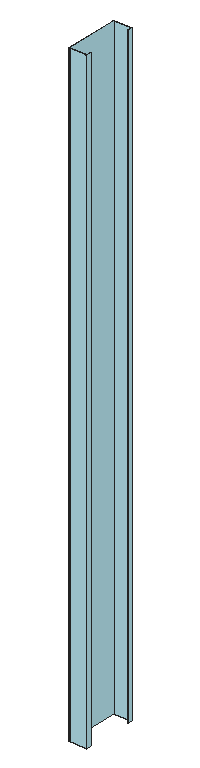
Revit family "90補強材", category 機械設備, Revit 2020
Family settings
  丸型コネクタ寸法 = 直径を使用
  種別 = なし
  パーツ タイプ = 標準
  作業面ベース = いいえ
  常に垂直 = はい
  ロード時にボイドで切り取り = いいえ
  共有 = いいえ
  部屋計算ポイント = いいえ
Parameters
  製造元 = "株式会社桐井製作所"
  既定の高さ = 0 mm
  URL = "https://www.kirii.co.jp/"
  K_長さ(mm) [instance] = 1000 mm
  K_材質 = "SGCC一般用・SGC340~570高強度一般用・SGH340~570高強度一般用"
  K_外形寸法(mm) = "90×30×7"
  K_品名 = "90補強材"
  K_名称 = "補強材"
  K_バージョン情報 = "20210524"
  K_めっき付着量 = "Z08"
  K_JIS規格 = "JIS G 3302"
Reference planes
  plane 1 "中心(正面/背面)": y = 0
  plane 2: z = 0
  plane 3 "中心(左/右)": x = 0
  plane 4: z = 1000
  plane 5: y = 90
Forms (mm)
  Extrusion 1, solid
    sketch origin (0, 0, 0) x (1, 0, 0) y (0, 1, 0)
      loop
        line (0, 0) -> (30, 0) -> (30, 7) -> (28.8, 7) -> (28.8, 1.2) -> (1.2, 1.2) -> (1.2, 88.8) -> (28.8, 88.8) -> (28.8, 83) -> (30, 83) -> (30, 90) -> (0, 90) -> (0, 0)
    from 0 to 1000
Dimensions and locks
  "K_長さ(mm)": plane 4 to plane 2
  aligned and locked: level to plane 2
  aligned and locked: plane 4 to Extrusion 1
  aligned and locked: plane 5 to Extrusion 1  (x2)
Automatic sketch dimensions
  Extrusion 1 sketch curve to plane 3 "中心(左/右)" = 0 mm
  plane 1 "中心(正面/背面)" to Extrusion 1 sketch curve = 0 mm
  Extrusion 1 sketch curve to plane 5 = 0 mm
  plane 3 "中心(左/右)" to Extrusion 1 sketch curve = 1.2 mm
  Extrusion 1 sketch curve to plane 1 "中心(正面/背面)" = 7 mm
  Extrusion 1 sketch curve to Extrusion 1 sketch curve = 27.6 mm  (x2)
  Extrusion 1 sketch curve to plane 5 = 7 mm
  Extrusion 1 sketch curve to Extrusion 1 sketch curve = 1.2 mm  (x2)
  Extrusion 1 sketch curve to plane 1 "中心(正面/背面)" = 1.2 mm
  Extrusion 1 sketch curve to plane 5 = 1.2 mm
